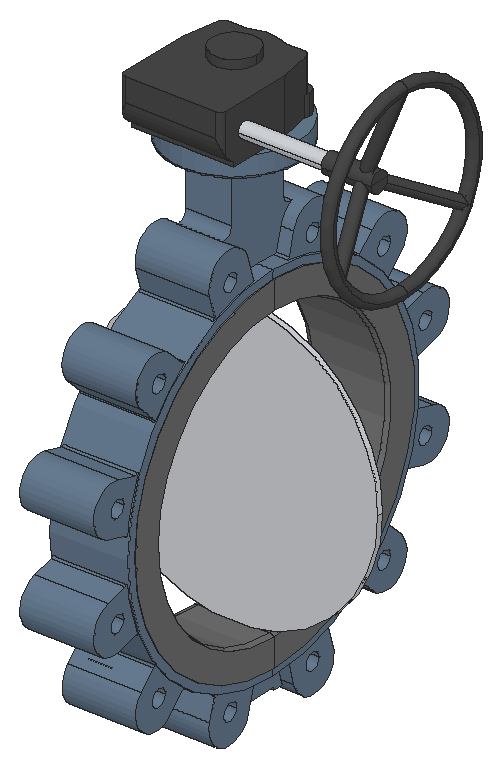
Revit family "Absperr- und Regulierklappe mit Getriebe AF-4219", category Rohrzubehör, Revit 2021 (continued)
Definition of nested family "Getriebe für Klappe DN50-DN200"
  Dimensions and locks
    "B05": Revolve 6 sketch curve to plane 3 "Mitte (Links/rechts)"
    "R07": Revolve 6 sketch curve to Revolve 6 sketch curve
    "A01": plane 2 to Revolve 6 sketch curve
    "R02": radius of Extrusion 1 sketch curve  (x4)
    "R01": radius of Extrusion 1 sketch curve
    "R03": radius of Extrusion 2 sketch curve  (x2)
    "R06": radius of Revolve 6 sketch curve
    "W01": angle Extrusion 1 sketch curve to Extrusion 1 sketch curve  (x2)
    aligned and locked: level to plane 2
  Automatic sketch dimensions
    Extrusion 3 sketch curve to level = 0 mm
    plane 1 "Mitte (Vorne/hinten)" to Extrusion 3 sketch curve = 80 mm
    Extrusion 3 sketch curve to Extrusion 3 sketch curve = 15.427 mm
    Extrusion 3 sketch curve to Extrusion 3 sketch curve = 13.173 mm
    level to Extrusion 3 sketch curve = 4.9 mm
    plane 1 "Mitte (Vorne/hinten)" to Extrusion 5 sketch curve = 0 mm
    Extrusion 5 sketch curve to plane 3 "Mitte (Links/rechts)" = 0 mm
    level to Revolve 7 sketch curve = 28.6 mm  (x2)
    plane 3 "Mitte (Links/rechts)" to Revolve 7 sketch curve = 172 mm
    level to Revolve 7 sketch curve = 26.361 mm
    Revolve 7 sketch curve to Revolve 7 sketch curve = 5.567 mm
    level to Revolve 7 sketch curve = 120.6 mm
    Revolve 7 sketch curve to Revolve 7 sketch curve = 0 mm  (x3)
    plane 3 "Mitte (Links/rechts)" to Revolve 10 sketch curve = 172 mm
    Revolve 10 sketch curve to Revolve 10 sketch curve = 5.567 mm
    Revolve 10 sketch curve to Revolve 10 sketch curve = 37 mm
    Revolve 10 sketch curve to Revolve 10 sketch curve = 2.239 mm
    Revolve 10 sketch curve to Revolve 10 sketch curve = 0 mm  (x4)
    plane 3 "Mitte (Links/rechts)" to Revolve 9 sketch curve = 172 mm
    Revolve 9 sketch curve to Revolve 9 sketch curve = 5.567 mm
    Revolve 9 sketch curve to Revolve 9 sketch curve = 37 mm
    Revolve 9 sketch curve to Revolve 9 sketch curve = 2.239 mm
    Revolve 9 sketch curve to Revolve 9 sketch curve = 0 mm  (x4)
    Extrusion 1 sketch curve to plane 3 "Mitte (Links/rechts)" = 0 mm
    plane 1 "Mitte (Vorne/hinten)" to Extrusion 1 sketch curve = 0 mm  (x2)
    Extrusion 1 sketch curve to plane 1 "Mitte (Vorne/hinten)" = 35.392 mm
    Extrusion 1 sketch curve to Extrusion 1 sketch curve = 18.48 mm  (x2)
    Extrusion 2 sketch curve to plane 3 "Mitte (Links/rechts)" = 35.7 mm
    plane 3 "Mitte (Links/rechts)" to Extrusion 2 sketch curve = 35.7 mm
    Revolve 4 sketch curve to plane 3 "Mitte (Links/rechts)" = 0 mm  (x2)
    Revolve 4 sketch curve to Revolve 4 sketch curve = 0 mm  (x2)
    Revolve 6 sketch curve to plane 3 "Mitte (Links/rechts)" = 1506.53 mm
    Revolve 6 sketch curve to Revolve 6 sketch curve = 1630.148 mm
    Revolve 8 sketch curve to Revolve 8 sketch curve = 7.5 mm
    Revolve 8 sketch curve to Revolve 8 sketch curve = 0 mm  (x2)
    radius of Extrusion 5 sketch curve = 22.3 mm
Definition of nested family "Getriebe für Klappe DN250-DN300"
  Parameters (values of type "Getriebe für Klappe DN250-DN300")
    W01 = 11.19°  # constant formula
    Default Elevation = 0 mm
    URL = "www.herz-armaturen.at"
    R07 = 92 mm  # constant formula
    R06 = 6 mm  # constant formula
    R05 = 10 mm  # constant formula
    R04 = 7.5 mm  # constant formula
    R03 = 10.5 mm  # constant formula
    R02 = 5.4 mm  # constant formula
    R01 = 44.9 mm  # constant formula
    M01 = 37 mm  # constant formula
    L03 = 52 mm  # constant formula
    L02 = 39.6 mm  # constant formula
    L01 = 80 mm  # constant formula
    Manufacturer = "Herz-Armaturen GmbH"  # constant formula
    H03 = 28.6 mm  # constant formula
    H02 = 20 mm  # constant formula
    H01 = 54 mm  # constant formula
    B05 = 209 mm  # constant formula
    B04 = 22 mm  # constant formula
    B03 = 50 mm  # constant formula
    B02 = 159 mm  # constant formula
    B01 = 51 mm  # constant formula
    A01 = 28.6 mm  # constant formula
  Reference planes
    plane 1 "Mitte (Vorne/hinten)": y = 0
    plane 2: z = 0
    plane 3 "Mitte (Links/rechts)": x = 0
  Forms (mm)
    Extrusion 1, solid, detail levels fine
      sketch origin (0, 0, 0) x (1, 0, 0) y (0, 1, 0)
        loop
          line (51, 0) -> (43.999, 35.392)
          arc (43.999, 35.392) -> (42.103, 38.419) -> (38.732, 39.6) r 5.4
          line (38.732, 39.6) -> (20.252, 39.6)
          arc (20.252, 39.6) -> (0, 44.427) -> (-20.252, 39.6) r 44.9
          line (-20.252, 39.6) -> (-38.732, 39.6)
          arc (-38.732, 39.6) -> (-42.103, 38.419) -> (-43.999, 35.392) r 5.4
          line (-43.999, 35.392) -> (-51, 0) -> (-51, -74.6)
          arc (-51, -74.6) -> (-49.418, -78.418) -> (-45.6, -80) r 5.4
          line (-45.6, -80) -> (45.6, -80)
          arc (45.6, -80) -> (49.418, -78.418) -> (51, -74.6) r 5.4
          line (51, -74.6) -> (51, 0)
      from 0 to 54
    Extrusion 2, solid, detail levels fine
      sketch origin (0, 0, 0) x (1, 0, 0) y (0, 1, 0)
        loop
          circle (-35.7, 37) r 10.5
        loop
          circle (35.7, 37) r 10.5
      from 0 to 20
    Extrusion 3, void
      sketch origin (0, 0, 0) x (0, 1, 0) y (0, 0, 1)
        loop
          line (-80, 0) -> (-64.573, 0) -> (-64.573, 4.9)
          arc (-64.573, 4.9) -> (-75.841, 15.433) -> (-80, 30.286) r 28.6
          line (-80, 30.286) -> (-80, 0)
      from -51 to 51
    Revolve 4, solid, detail levels fine
      sketch origin (0, 0, 28.6) x (1, 0, 0) y (0, 1, 0)
        loop
          line (0, -52) -> (0, -59.5) -> (159, -59.5) -> (159, -52) -> (0, -52)
        axis (0, -52) -> (159, -52)
      angle from 0 to 360
    Extrusion 5, solid, detail levels fine
      sketch origin (0, 0, 0) x (1, 0, 0) y (0, 1, 0)
        loop
          circle (0, 0) r 22.3
      from 54 to 62.5
    Revolve 6, solid, detail levels fine
      sketch origin (0, -52, 28.6) x (1, 0, 0) y (0, 0, 1)
        loop
          circle (209, 92) r 6
        axis (203, 0) -> (215, 0)
      angle from 0 to 360
    Revolve 7, solid, detail levels fine
      sketch origin (0, -52, 0) x (1, 0, 0) y (0, 0, 1)
        loop
          line (209, 120.6) -> (172, 28.6) -> (177.567, 26.361) -> (214.567, 118.361) -> (209, 120.6)
        axis (172, 28.6) -> (209, 120.6)
      angle from 0 to 360
    Revolve 8, solid, detail levels fine
      sketch origin (0, 0, 28.6) x (1, 0, 0) y (0, 1, 0)
        loop
          line (137, -59.5) -> (137, -62) -> (187, -62) -> (187, -52) -> (159, -52) -> (159, -59.5) -> (137, -59.5)
        axis (137, -52) -> (187, -52)
      angle from 0 to 360
    Revolve 9, solid, detail levels fine
      sketch origin (0, -27.232, 42.9) x (1, 0, 0) y (0, -0.866025, -0.5)
        loop
          line (209, 120.6) -> (172, 28.6) -> (177.567, 26.361) -> (214.567, 118.361) -> (209, 120.6)
        axis (172, 28.6) -> (209, 120.6)
      angle from 0 to 360
    Revolve 10, solid, detail levels fine
      sketch origin (0, -76.768, 42.9) x (1, 0, 0) y (0, 0.866025, -0.5)
        loop
          line (209, 120.6) -> (172, 28.6) -> (177.567, 26.361) -> (214.567, 118.361) -> (209, 120.6)
        axis (172, 28.6) -> (209, 120.6)
      angle from 0 to 360
  Cuts and joins
    Extrusion 3 cuts Extrusion 1
  Dimensions and locks
    "B01": Extrusion 1 sketch curve to plane 3 "Mitte (Links/rechts)"
    "B01": plane 3 "Mitte (Links/rechts)" to Extrusion 1 sketch curve
    "L02": plane 1 "Mitte (Vorne/hinten)" to Extrusion 1 sketch curve  (x2)
    "L01": Extrusion 1 sketch curve to plane 1 "Mitte (Vorne/hinten)"
    "M01": plane 1 "Mitte (Vorne/hinten)" to Extrusion 2 sketch curve  (x2)
    "H01": Extrusion 1 to plane 2
    "H02": Extrusion 2 to plane 2
    "L03": Revolve 4 sketch curve to plane 1 "Mitte (Vorne/hinten)"
    "R04": Revolve 4 sketch curve to Revolve 4 sketch curve
    "B02": Revolve 4 sketch curve to Revolve 4 sketch curve
    "H03": Revolve 8 to plane 2
    "H03": Revolve 4 to plane 2
    "L03": Revolve 8 sketch curve to plane 1 "Mitte (Vorne/hinten)"
    "B02": plane 3 "Mitte (Links/rechts)" to Revolve 8 sketch curve
    "R05": Revolve 8 sketch curve to Revolve 8 sketch curve
    "B03": Revolve 8 sketch curve to Revolve 8 sketch curve
    "B04": Revolve 8 sketch curve to Revolve 8 sketch curve
    "R04": Revolve 8 sketch curve to Revolve 8 sketch curve
    "B05": Revolve 6 sketch curve to plane 3 "Mitte (Links/rechts)"
    "R07": Revolve 6 sketch curve to Revolve 6 sketch curve
    "A01": plane 2 to Revolve 6 sketch curve
    "R02": radius of Extrusion 1 sketch curve  (x4)
    "R01": radius of Extrusion 1 sketch curve
    "R03": radius of Extrusion 2 sketch curve  (x2)
    "R06": radius of Revolve 6 sketch curve
    "W01": angle Extrusion 1 sketch curve to Extrusion 1 sketch curve  (x2)
    aligned and locked: level to plane 2
  Automatic sketch dimensions
    Extrusion 3 sketch curve to level = 0 mm
    plane 1 "Mitte (Vorne/hinten)" to Extrusion 3 sketch curve = 80 mm
    Extrusion 3 sketch curve to Extrusion 3 sketch curve = 15.427 mm
    Extrusion 3 sketch curve to Extrusion 3 sketch curve = 13.173 mm
    level to Extrusion 3 sketch curve = 4.9 mm
    plane 1 "Mitte (Vorne/hinten)" to Extrusion 5 sketch curve = 0 mm
    Extrusion 5 sketch curve to plane 3 "Mitte (Links/rechts)" = 0 mm
    level to Revolve 7 sketch curve = 28.6 mm  (x2)
    plane 3 "Mitte (Links/rechts)" to Revolve 7 sketch curve = 172 mm
    level to Revolve 7 sketch curve = 26.361 mm
    Revolve 7 sketch curve to Revolve 7 sketch curve = 5.567 mm
    level to Revolve 7 sketch curve = 120.6 mm
    Revolve 7 sketch curve to Revolve 7 sketch curve = 0 mm  (x3)
    plane 3 "Mitte (Links/rechts)" to Revolve 10 sketch curve = 172 mm
    Revolve 10 sketch curve to Revolve 10 sketch curve = 5.567 mm
    Revolve 10 sketch curve to Revolve 10 sketch curve = 37 mm
    Revolve 10 sketch curve to Revolve 10 sketch curve = 2.239 mm
    Revolve 10 sketch curve to Revolve 10 sketch curve = 0 mm  (x4)
    plane 3 "Mitte (Links/rechts)" to Revolve 9 sketch curve = 172 mm
    Revolve 9 sketch curve to Revolve 9 sketch curve = 5.567 mm
    Revolve 9 sketch curve to Revolve 9 sketch curve = 37 mm
    Revolve 9 sketch curve to Revolve 9 sketch curve = 2.239 mm
    Revolve 9 sketch curve to Revolve 9 sketch curve = 0 mm  (x4)
    Extrusion 1 sketch curve to plane 3 "Mitte (Links/rechts)" = 0 mm
    plane 1 "Mitte (Vorne/hinten)" to Extrusion 1 sketch curve = 0 mm  (x2)
    Extrusion 1 sketch curve to plane 1 "Mitte (Vorne/hinten)" = 35.392 mm
    Extrusion 1 sketch curve to Extrusion 1 sketch curve = 18.48 mm  (x2)
    Extrusion 2 sketch curve to plane 3 "Mitte (Links/rechts)" = 35.7 mm
    plane 3 "Mitte (Links/rechts)" to Extrusion 2 sketch curve = 35.7 mm
    Revolve 4 sketch curve to plane 3 "Mitte (Links/rechts)" = 0 mm  (x2)
    Revolve 4 sketch curve to Revolve 4 sketch curve = 0 mm  (x2)
    Revolve 6 sketch curve to plane 3 "Mitte (Links/rechts)" = 1506.53 mm
    Revolve 6 sketch curve to Revolve 6 sketch curve = 1630.148 mm
    Revolve 8 sketch curve to Revolve 8 sketch curve = 7.5 mm
    Revolve 8 sketch curve to Revolve 8 sketch curve = 0 mm  (x2)
    radius of Extrusion 5 sketch curve = 22.3 mm
